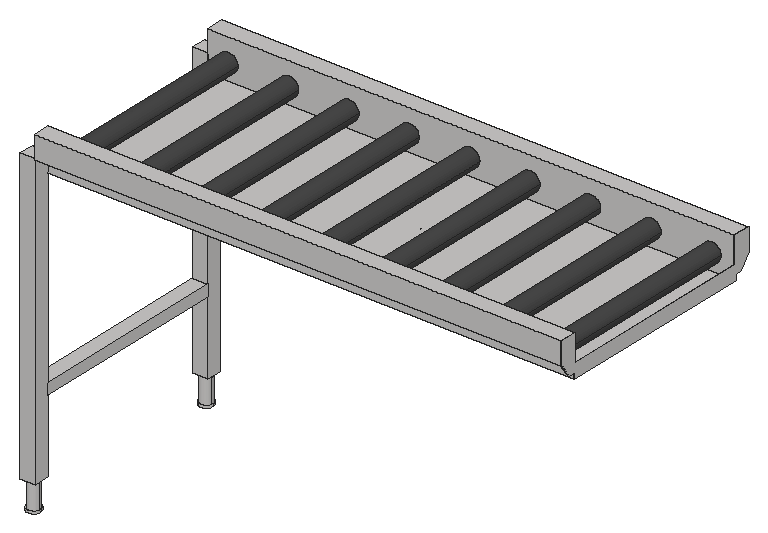
Revit family "QF_ELECTROLUXPROFESSIONAL_863028_HSLRC14", category Specialty Equipment, Revit 2018
Family settings
  Round Connector Dimension = Use Diameter
  Part Type = Normal
  Work Plane-Based = No
  Always vertical = Yes
  Cut with Voids When Loaded = No
  Shared = No
  Room Calculation Point = No
Parameters
  Weight = 0.00 kg
  Watts = 0 W
  Volts = 0 V
  URL Manufacturer = "http://professional.electrolux.com/"
  URL = "http://professional.electrolux.com/"
  Steam Supply Size = 0 mm
  Steam Supply Minimum Pressure = 0.0 Pa
  Steam Supply Maximum Pressure = 0.0 Pa
  Steam Pounds per Hour = 0
  Refrigeration Suction Line Size = 0 mm
  Refrigeration Liquid Line Size = 0 mm
  Refrigerant Compressor Remote = yes
  Manufacturer = "Electrolux"
  Phase = 0
  Model = "HSLRC14"
  Length Actual = 1400 mm  # constant formula
  Item Number = "863028"
  Hot Water Size = 0 mm
  Height Actual = 910 mm  # constant formula
  HP = "0 HP"
  Gas Size = 0 mm
  Gas KW = 0
  Gas Input Pressure = 0 W
  Description = "CONVEYOR, LONG ROLLERS, L=1400 MM"
  Depth Actual = 620 mm  # constant formula
  Cycle = 0 Hz
  Condensate Return Size = 0 mm
  Compressed Air Volume = 0.0 L/s
  Compressed Air Size = 0 mm
  Compressed Air Pressure = 0.0 Pa
  Cold Water Size = 0 mm
  Accessory = yes
Reference planes
  plane 1 "Centro (Fronte/Retro)": y = 74.737
  plane 2: z = 0
  plane 3 "LEFT": x = -1038.761
  plane 4 "BACK": y = 384.737
  plane 5 "FRONT": y = -235.263
  plane 6: z = 910
  plane 7 "RIGHT": x = 361.239
  plane 8: x = -308.761
Forms (mm)
  Extrusion 1, solid, material "QF_Finishes_Stainless Steel"
    sketch origin (0, 74.737, 0) x (1, 0, 0) y (0, 0, 1)
      loop
        line (-1079.929, 300) -> (-1079.929, 270) -> (-1039.929, 270) -> (-1039.929, 300) -> (-1079.929, 300)
    from -266.504 to 266.46
  Extrusion 2, solid, material "QF_Finishes_Stainless Steel"
    sketch origin (11.239, 0, 0) x (0, 1, 0) y (0, 0, 1)
      loop
        line (-235.263, 910) -> (-235.263, 850.033) -> (-190.242, 850.033) -> (-190.242, 910) -> (-235.263, 910)
      loop
        line (384.737, 910) -> (339.716, 910) -> (339.716, 850.033) -> (384.737, 850.033) -> (384.737, 910)
    from -1050 to 348.8
  Extrusion 3, solid, material "QF_Finishes_Stainless Steel"
    sketch origin (11.239, 0, 0) x (0, 1, 0) y (0, 0, 1)
      loop
        line (-191.727, 850.033) -> (-191.727, 800.081) -> (341.245, 800.081) -> (341.245, 850.033) -> (339.716, 850.033) -> (339.716, 803.081) -> (-190.242, 803.081) -> (-190.242, 850.033) -> (-191.727, 850.033)
    from -1050 to 348.8
  Extrusion 4, solid, material "QF_Finishes_Black"
    sketch origin (0, 74.737, 0) x (1, 0, 0) y (0, 0, -1)
      loop
        circle (-980.637, -850.115) r 25
      loop
        circle (-820.168, -850.115) r 25
      loop
        circle (-659.699, -850.115) r 25
      loop
        circle (303.115, -850.115) r 25
      loop
        circle (-338.761, -850.115) r 25
      loop
        circle (-178.292, -850.115) r 25
      loop
        circle (-17.823, -850.115) r 25
      loop
        circle (142.646, -850.115) r 25
      loop
        circle (-499.23, -850.115) r 25
    from -260.534 to 260.534
  Extrusion 5, solid, material "QF_Finishes_Stainless Steel"
    sketch origin (1861.239, 723.253, 4000) x (0, 1, 0) y (0, 0, 1)
      loop
        line (-958.516, -3090) -> (-958.516, -3149.967) -> (-934.752, -3185.632) -> (-915.4, -3185.632) -> (-915.4, -3199.919) -> (-381.633, -3199.919) -> (-381.633, -3185.632) -> (-362.281, -3185.632) -> (-338.516, -3149.967) -> (-338.516, -3090) -> (-383.538, -3090) -> (-383.538, -3161.926) -> (-913.495, -3161.926) -> (-913.495, -3090) -> (-958.516, -3090)
    from -1500 to -1501.2
  Revolve 6, solid, material "QF_Finishes_Stainless Steel"
    sketch origin (-338.823, 0, 0) x (0, 1, 0) y (0, 0, 1)
      loop
        line (74.737, 800.081) -> (12.53, 800.081) -> (12.319, 797.4) -> (12.319, 785.476) -> (17.293, 785.476) -> (17.293, 781.772)
        arc (17.293, 781.772) -> (20.266, 773.808) -> (27.77, 769.813) r 11.998
        line (27.77, 769.813) -> (74.737, 764.085) -> (74.737, 800.081)
      axis (74.737, 764.085) -> (74.737, 800.081)
    angle from 0 to 360
  Revolve 7, solid, material "QF_Finishes_Stainless Steel"
    sketch origin (-308.823, -1524, 744.096) x (0, 0, 1) y (0, -1, 0)
      loop
        line (13.017, -1619.713) -> (30, -1619.713) -> (30, -1598.737) -> (0, -1598.737) -> (0, -1619.713) -> (2.434, -1622.253) -> (10.477, -1622.253) -> (13.017, -1619.713)
      axis (0, -1598.737) -> (30, -1598.737)
    angle from 0 to 360
Cuts and joins
  joined: Extrusion 2, Extrusion 3
Lines and regions (mm)
  Split face 1
    outline origin (708.239, 339.716, 803.081) x (-1, 0, 0) y (0, -1, 0)
      loop
        circle (1047, 264.904) r 3.016
  Split face 2
    outline origin (708.239, 339.716, 803.081) x (-1, 0, 0) y (0, -1, 0)
      loop
        circle (1047, 264.904) r 52.991
  Split face 3
    outline origin (708.239, 339.716, 803.081) x (-1, 0, 0) y (0, -1, 0)
      loop
        circle (1047, 264.904) r 36.015
  Split face 4
    outline origin (708.239, 339.716, 803.081) x (-1, 0, 0) y (0, -1, 0)
      loop
        circle (1047, 264.904) r 26.027
  Split face 5
    outline origin (708.239, 339.716, 803.081) x (-1, 0, 0) y (0, -1, 0)
      loop
        circle (1047, 264.904) r 9.056
  Masking region 1
    outline origin (0, 0, 0) x (1, 0, 0) y (0, 1, 0)
      loop
        line (-1038.761, 384.737) -> (-1038.761, -235.263) -> (361.239, -235.263) -> (361.239, 384.737) -> (-1038.761, 384.737)
  symbolic lines
    curve 1: line (361.239, 384.737, 0) -> (-1038.761, 384.737, 0)
    curve 2: line (-1038.761, 384.737, 0) -> (-1038.761, -235.263, 0)
    curve 3: line (-1038.761, 339.716, 0) -> (361.239, 339.716, 0)
    curve 4: line (-1038.761, -235.263, 0) -> (361.239, -235.263, 0)
    curve 5: line (361.239, -235.263, 0) -> (361.239, 384.737, 0)
    curve 6: line (361.239, -190.242, 0) -> (-1038.761, -190.242, 0)
    curve 7: line (-955.637, 335.271, 0) -> (-1005.637, 335.271, 0)
    curve 8: line (-1005.637, 335.271, 0) -> (-1005.637, -185.797, 0)
    curve 9: line (-1005.637, -185.797, 0) -> (-955.637, -185.797, 0)
    curve 10: line (-955.637, -185.797, 0) -> (-955.637, 335.271, 0)
    curve 11: line (-795.168, 335.271, 0) -> (-845.168, 335.271, 0)
    curve 12: line (-845.168, 335.271, 0) -> (-845.168, -185.797, 0)
    curve 13: line (-845.168, -185.797, 0) -> (-795.168, -185.797, 0)
    curve 14: line (-795.168, -185.797, 0) -> (-795.168, 335.271, 0)
    curve 15: line (-634.699, 335.271, 0) -> (-684.699, 335.271, 0)
    curve 16: line (-684.699, 335.271, 0) -> (-684.699, -185.797, 0)
    curve 17: line (-684.699, -185.797, 0) -> (-634.699, -185.797, 0)
    curve 18: line (-634.699, -185.797, 0) -> (-634.699, 335.271, 0)
    curve 19: line (328.115, 335.271, 0) -> (278.115, 335.271, 0)
    curve 20: line (278.115, 335.271, 0) -> (278.115, -185.797, 0)
    curve 21: line (278.115, -185.797, 0) -> (328.115, -185.797, 0)
    curve 22: line (328.115, -185.797, 0) -> (328.115, 335.271, 0)
    curve 23: line (361.239, 74.737, 0) -> (331.239, 74.737, 0)
    curve 24: line (-1038.761, 74.737, 0) -> (-1008.761, 74.737, 0)
    curve 25: arc (-339.404, 137.156, 0) -> (-276.986, 74.737, 0) -> (-339.404, 12.319, 0) r 62.418
    curve 26: arc (-339.404, 12.319, 0) -> (-401.823, 74.737, 0) -> (-339.404, 137.156, 0) r 62.418
    curve 27: arc (-309.404, 95.713, 0) -> (-330.38, 74.737, 0) -> (-309.404, 53.761, 0) r 20.976
    curve 28: arc (-309.404, 53.761, 0) -> (-288.428, 74.737, 0) -> (-309.404, 95.713, 0) r 20.976
    curve 29: line (-474.23, 335.271, 0) -> (-524.23, 335.271, 0)
    curve 30: line (-524.23, 335.271, 0) -> (-524.23, -185.797, 0)
    curve 31: line (-524.23, -185.797, 0) -> (-474.23, -185.797, 0)
    curve 32: line (-474.23, -185.797, 0) -> (-474.23, 335.271, 0)
    curve 33: line (-313.761, 335.271, 0) -> (-363.761, 335.271, 0)
    curve 34: line (-363.761, 335.271, 0) -> (-363.761, -185.797, 0)
    curve 35: line (-363.761, -185.797, 0) -> (-313.761, -185.797, 0)
    curve 36: line (-313.761, -185.797, 0) -> (-313.761, 335.271, 0)
    curve 37: line (-153.292, 335.271, 0) -> (-203.292, 335.271, 0)
    curve 38: line (-203.292, 335.271, 0) -> (-203.292, -185.797, 0)
    curve 39: line (-203.292, -185.797, 0) -> (-153.292, -185.797, 0)
    curve 40: line (-153.292, -185.797, 0) -> (-153.292, 335.271, 0)
    curve 41: line (7.177, 335.271, 0) -> (-42.823, 335.271, 0)
    curve 42: line (-42.823, 335.271, 0) -> (-42.823, -185.797, 0)
    curve 43: line (-42.823, -185.797, 0) -> (7.177, -185.797, 0)
    curve 44: line (7.177, -185.797, 0) -> (7.177, 335.271, 0)
    curve 45: line (167.646, 335.271, 0) -> (117.646, 335.271, 0)
    curve 46: line (117.646, 335.271, 0) -> (117.646, -185.797, 0)
    curve 47: line (117.646, -185.797, 0) -> (167.646, -185.797, 0)
    curve 48: line (167.646, -185.797, 0) -> (167.646, 335.271, 0)
Dimensions and locks
  plane 3 "LEFT" to plane 7 "RIGHT" = 1400 mm
  equal spacing: plane 4 "BACK", plane 1 "Centro (Fronte/Retro)", plane 5 "FRONT"
  plane 4 "BACK" to plane 5 "FRONT" = 620 mm
  locked: Extrusion 4 sketch curve to plane 3 "LEFT" at 58.124
  locked: plane 7 "RIGHT" to Extrusion 4 sketch curve at 58.124
  aligned and locked: level to plane 2
Automatic sketch dimensions
  Extrusion 1 sketch curve to plane 3 "LEFT" = 41.168 mm
  Extrusion 1 sketch curve to plane 3 "LEFT" = 1.168 mm
  level to Extrusion 1 sketch curve = 270 mm
  Extrusion 1 sketch curve to Extrusion 1 sketch curve = 30 mm
  Extrusion 2 sketch curve to plane 5 "FRONT" = 0 mm
  Extrusion 2 sketch curve to plane 6 = 0 mm  (x2)
  Extrusion 2 sketch curve to plane 4 "BACK" = 0 mm
  plane 5 "FRONT" to Extrusion 2 sketch curve = 45.021 mm
  Extrusion 2 sketch curve to plane 4 "BACK" = 45.021 mm
  Extrusion 2 sketch curve to Extrusion 2 sketch curve = 59.967 mm  (x2)
  plane 5 "FRONT" to Extrusion 3 sketch curve = 43.536 mm
  Extrusion 3 sketch curve to Extrusion 3 sketch curve = 1.486 mm
  Extrusion 3 sketch curve to plane 4 "BACK" = 45.021 mm
  Extrusion 3 sketch curve to Extrusion 3 sketch curve = 1.529 mm
  Extrusion 3 sketch curve to plane 6 = 109.919 mm
  Extrusion 3 sketch curve to Extrusion 3 sketch curve = 3 mm
  Extrusion 3 sketch curve to Extrusion 3 sketch curve = 46.952 mm  (x2)
  Split face 1 sketch curve to cut or joined group of Extrusion 2, Extrusion 3 = 698.8 mm
  cut or joined group of Extrusion 2, Extrusion 3 to Split face 1 sketch curve = 264.904 mm
  Split face 2 sketch curve to cut or joined group of Extrusion 2, Extrusion 3 = 698.8 mm
  cut or joined group of Extrusion 2, Extrusion 3 to Split face 2 sketch curve = 264.904 mm
  Split face 3 sketch curve to cut or joined group of Extrusion 2, Extrusion 3 = 698.8 mm
  cut or joined group of Extrusion 2, Extrusion 3 to Split face 3 sketch curve = 264.904 mm
  Split face 4 sketch curve to cut or joined group of Extrusion 2, Extrusion 3 = 698.8 mm
  cut or joined group of Extrusion 2, Extrusion 3 to Split face 4 sketch curve = 264.904 mm
  Split face 5 sketch curve to cut or joined group of Extrusion 2, Extrusion 3 = 698.8 mm
  cut or joined group of Extrusion 2, Extrusion 3 to Split face 5 sketch curve = 264.904 mm
  Masking region 1 sketch curve to plane 3 "LEFT" = 0 mm
  Masking region 1 sketch curve to plane 5 "FRONT" = 0 mm
  Masking region 1 sketch curve to plane 7 "RIGHT" = 0 mm
  Masking region 1 sketch curve to plane 4 "BACK" = 0 mm
  Extrusion 5 sketch curve to plane 5 "FRONT" = 0 mm
  Extrusion 5 sketch curve to plane 6 = 0 mm  (x2)
  Extrusion 5 sketch curve to plane 4 "BACK" = 0 mm
  plane 5 "FRONT" to Extrusion 5 sketch curve = 23.764 mm
  Extrusion 5 sketch curve to Extrusion 5 sketch curve = 19.352 mm  (x2)
  plane 5 "FRONT" to Extrusion 5 sketch curve = 45.021 mm
  Extrusion 5 sketch curve to plane 4 "BACK" = 45.021 mm
  Extrusion 5 sketch curve to Extrusion 5 sketch curve = 1.905 mm
  Extrusion 5 sketch curve to Extrusion 5 sketch curve = 59.967 mm  (x2)
  Extrusion 5 sketch curve to Extrusion 5 sketch curve = 11.959 mm
  Extrusion 5 sketch curve to Extrusion 5 sketch curve = 23.706 mm  (x2)
  Extrusion 5 sketch curve to Extrusion 5 sketch curve = 14.287 mm
  Revolve 6 sketch curve to plane 1 "Centro (Fronte/Retro)" = 0 mm  (x2)
  plane 1 "Centro (Fronte/Retro)" to Revolve 6 sketch curve = 45.447 mm
  Revolve 6 sketch curve to Revolve 6 sketch curve = 1.52 mm
  Revolve 6 sketch curve to Revolve 6 sketch curve = 11.998 mm
  Revolve 6 sketch curve to Revolve 6 sketch curve = 4.762 mm
  Revolve 6 sketch curve to Revolve 6 sketch curve = 4.974 mm
  Revolve 6 sketch curve to plane 6 = 145.915 mm
  Revolve 6 sketch curve to Revolve 6 sketch curve = 5.727 mm
  Revolve 6 sketch curve to Revolve 6 sketch curve = 11.901 mm
  Revolve 6 sketch curve to Revolve 6 sketch curve = 3.704 mm
  Revolve 6 sketch curve to Revolve 6 sketch curve = 11.924 mm
  Revolve 6 sketch curve to Revolve 6 sketch curve = 2.681 mm
  Revolve 6 sketch curve to Revolve 6 sketch curve = 3 mm
  Revolve 6 sketch curve to Revolve 6 sketch curve = 14.991 mm
  Revolve 7 sketch curve to plane 1 "Centro (Fronte/Retro)" = 0 mm  (x2)
  Revolve 7 sketch curve to plane 1 "Centro (Fronte/Retro)" = 20.976 mm
  Revolve 7 sketch curve to plane 6 = 165.904 mm
  Revolve 7 sketch curve to plane 1 "Centro (Fronte/Retro)" = 23.516 mm
  Revolve 7 sketch curve to Revolve 7 sketch curve = 2.434 mm
  Revolve 7 sketch curve to Revolve 7 sketch curve = 8.043 mm
  Revolve 7 sketch curve to Revolve 7 sketch curve = 2.54 mm  (x2)
  Revolve 7 sketch curve to Revolve 7 sketch curve = 16.983 mm
  Revolve 7 sketch curve to Revolve 7 sketch curve = 3.127 mm
  Revolve 7 sketch curve to Revolve 7 sketch curve = 7.343 mm
  Extrusion 4 sketch curve to plane 6 = 59.885 mm  (x9)
  curve 25 to curve 26 = 0 mm  (x2)
  curve 27 to curve 28 = 0 mm  (x2)
  plane 1 "Centro (Fronte/Retro)" to curve 24 = 0 mm
  curve 24 to plane 3 "LEFT" = 0 mm
  plane 1 "Centro (Fronte/Retro)" to curve 26 = 0 mm
  plane 1 "Centro (Fronte/Retro)" to curve 28 = 0 mm
  plane 1 "Centro (Fronte/Retro)" to curve 23 = 0 mm
  curve 6 to plane 7 "RIGHT" = 0 mm
  curve 4 to plane 5 "FRONT" = 0 mm
  curve 2 to plane 4 "BACK" = 0 mm
  plane 3 "LEFT" to curve 7 = 33.124 mm
  curve 8 to curve 9 = 50 mm
  curve 9 to curve 12 = 110.469 mm
  curve 11 to curve 11 = 50 mm
  curve 13 to curve 16 = 110.469 mm
  curve 15 to curve 15 = 50 mm
  curve 17 to curve 31 = 110.469 mm
  curve 29 to curve 29 = 50 mm
  curve 35 to plane 8 = 55 mm
  curve 26 to plane 8 = 30.643 mm
  curve 36 to plane 8 = 5 mm
  curve 28 to plane 8 = 0.643 mm
  plane 8 to curve 39 = 105.469 mm
  curve 38 to curve 39 = 50 mm
  curve 39 to curve 43 = 110.469 mm
  curve 41 to curve 41 = 50 mm
  curve 41 to curve 45 = 110.469 mm
  curve 45 to curve 45 = 50 mm
  curve 20 to plane 7 "RIGHT" = 83.124 mm
  curve 21 to plane 7 "RIGHT" = 33.124 mm
  plane 5 "FRONT" to curve 47 = 49.466 mm
  plane 5 "FRONT" to curve 43 = 49.466 mm
  plane 5 "FRONT" to curve 40 = 49.466 mm
  plane 5 "FRONT" to curve 8 = 49.466 mm
  plane 5 "FRONT" to curve 36 = 49.466 mm
  plane 5 "FRONT" to curve 12 = 49.466 mm
  plane 5 "FRONT" to curve 32 = 49.466 mm
  plane 5 "FRONT" to curve 16 = 49.466 mm
  plane 5 "FRONT" to curve 21 = 49.466 mm
  curve 48 to plane 4 "BACK" = 49.466 mm
  curve 20 to plane 4 "BACK" = 49.466 mm
  curve 29 to plane 4 "BACK" = 49.466 mm
  curve 18 to plane 4 "BACK" = 49.466 mm
  curve 33 to plane 4 "BACK" = 49.466 mm
  curve 14 to plane 4 "BACK" = 49.466 mm
  curve 37 to plane 4 "BACK" = 49.466 mm
  curve 10 to plane 4 "BACK" = 49.466 mm
  curve 41 to plane 4 "BACK" = 49.466 mm
  plane 3 "LEFT" to curve 24 = 30 mm
  curve 23 to plane 7 "RIGHT" = 30 mm
  curve 6 to curve 21 = 4.445 mm
  curve 26 to curve 25 = 62.418 mm
  curve 28 to curve 27 = 20.976 mm
  curve 19 to curve 3 = 4.445 mm
  Extrusion 4 sketch curve to Extrusion 4 sketch curve = 160.469 mm  (x5)
  Extrusion 4 sketch curve to plane 8 = 30 mm
  plane 8 to Extrusion 4 sketch curve = 130.469 mm
  radius of Split face 1 sketch curve = 3.016 mm
  radius of Split face 2 sketch curve = 52.991 mm
  radius of Split face 3 sketch curve = 36.015 mm
  radius of Split face 4 sketch curve = 26.027 mm
  radius of Split face 5 sketch curve = 9.056 mm
  radius of Extrusion 4 sketch curve = 25 mm  (x9)
Nested families
  nested 1: "Foot_40x40" at (-1059.929, 361.245, 0), type "Foot_40x40"
    with A 850.033 mm
  nested 2: "Foot_40x40" at (-1059.929, -211.771, 0), type "Foot_40x40"
    with A 850.033 mm
  nested 3: "Foot_40x40" at (-1059.929, 361.288, 0), type "Foot_40x40"
    with A 850.033 mm
Connectors
  piping at (-308.823, 74.737, 744.096), diameter 30
    settings: on Revolve 7, index 4, connector inside diameter 609.6 mm, connector length 0 mm, flow factor 0, pipe flow 0.0 L/s, pressure drop 0.0 Pa, fitting loss kfactor 0, connector angle 0.00°, fixture units 0, engagement length 0 mm, angle of deflection 0.00°, flow configuration 1, flow direction 2, fitting loss method 0, system type 16, joint type 0, gender type 0, connector reference index -1, connector utility 0, adjustable connector no, is connector primary yes, connector description "Drain"
Definition of nested family "Foot_40x40"
  Parameters
    A [instance] = 850 mm
  Reference planes
    plane 1 "Centro (Fronte/Retro)": y = 0
    plane 2: z = 0
    plane 3 "Centro (Sinistra/Destra)": x = 0
    plane 4: z = 850
  Forms (mm)
    Extrusion 1, solid
      sketch origin (0, 0, 0) x (1, 0, 0) y (0, 1, 0)
        loop
          circle (0, 0) r 18
      from 0 to 5
    Extrusion 2, solid
      sketch origin (0, 0, 5) x (1, 0, 0) y (0, 1, 0)
        loop
          circle (0, 0) r 15
      from 0 to 70
    Extrusion 3, solid
      sketch origin (0, 0, 75) x (1, 0, 0) y (0, 1, 0)
        loop
          line (-20, 20) -> (-20, -20) -> (20, -20) -> (20, 20) -> (-20, 20)
      from 0 to 775
  Dimensions and locks
    "A": plane 4 to plane 2
    aligned and locked: level to plane 2
    aligned and locked: plane 4 to Extrusion 3
    aligned and locked: Extrusion 1 to level
  Automatic sketch dimensions
    plane 1 "Centro (Fronte/Retro)" to Extrusion 1 sketch curve = 0 mm
    Extrusion 1 sketch curve to plane 3 "Centro (Sinistra/Destra)" = 0 mm
    Extrusion 3 sketch curve to Extrusion 3 sketch curve = 40 mm  (x2)
    radius of Extrusion 1 sketch curve = 18 mm
    radius of Extrusion 2 sketch curve to Extrusion 1 = 3 mm
